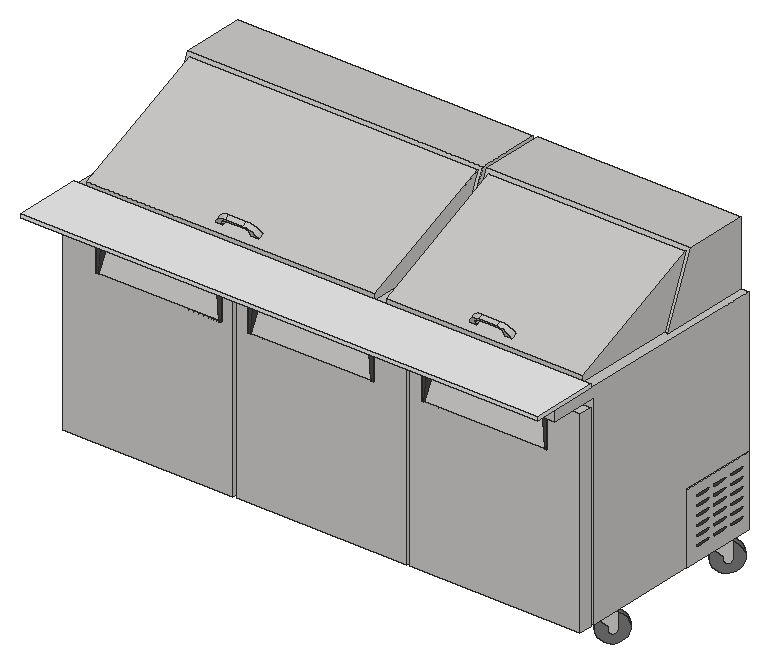
Revit family "QF_Turbo Air_MST-72-3007bf8e3e-0436-4e17-8188-67c419f443d2", category Specialty Equipment, Revit 2012
Parameters
  Weight in Pounds = 396
  Watermarked By = "http://revitwatermark.com"
  Volts = 115 V
  URL Cutsheet = ""
  URL = "www.turboairinc.com"
  Status [instance] = ""
  Specification by User [instance] = ""
  Specification by Manufacturer [instance] = ""
  Serial Number [instance] = ""
  Revision Code [instance] = ""
  Phase = 1
  Number of Poles [instance] = 1
  NAFEM Spec ID Number [instance] = ""
  Model = "MST-72-30"
  Masterspec [instance] = ""
  Manufacturer = "Turbo Air"  # constant formula
  Legs [instance] = [6 inch Legs]  # no
  Item Number [instance] = "-"
  Installed By [instance] = ""
  HP = "1/2"
  Furnished By [instance] = ""
  Foodservice Equipment Identifier = yes
  FL Amps = 9.9 A
  Electrical Remarks [instance] = ""
  Electric Connection Type [instance] = ""
  Elec Conn RI Height [instance] = 0' - 0"
  Elec Conn Connection Height = 1' - 0"
  Description = "Mega Top Unit"
  Cycle = 60 Hz
  Conn Plug = "NEMA 5-15P"
  Casters [instance] = not(Legs)  # yes
  CasterLeg Height [instance] = if([4 inch Casters], 0' 5", if([5 inch Casters], 0' 5 3/4", if([2_5 inch Casters], 0' 3 3/8", 0' 6")))  # 0' - 5"
  CSI MasterFormat = "11 41 13"
  Assembly Code = "E1090320"
  Apparent Power = if(Phase = 3, Volts * FL Amps * 1.73, Volts * FL Amps)  # 1138.5 VA
  6 inch Legs [instance] = no
  5 inch Casters [instance] = no
  4 inch Casters [instance] = yes
  2_5 inch Casters [instance] = no
Reference planes (in)
  plane 1 "BACK": y = 0
  plane 2: z = 0
  plane 3 "LEFT": x = -20.78844
  plane 4 "Bottom": z = 5
  plane 5 "Back Stops": y = 1
  plane 6 "RIGHT": x = 51.83656
  plane 7 "Door Clearance": y = -51.75
  plane 8 "Counter Top": z = 35
  plane 9 "TOP": z = 44
  plane 10 "Top of Door": z = 32.5
  plane 11 "Lid Clearance": z = 50.875
  plane 12 "Front of Ledge": y = -34
  plane 13 "FRONT": y = -37
  plane 14 "Front of Door": y = -29.5
  plane 15 "Front of Box": y = -27.125
  plane 16 "Left of Left Lid Cover": x = -19.78844
  plane 17 "Left of Left Lid": x = -19.28844
  plane 18 "Right of Right Lid Cover": x = 50.83656
  plane 19 "Right of Righ Lid": x = 50.33656
  plane 20 "Right of Left Lid Cover": x = 21.58656
  plane 21 "Right of Left Lid": x = 21.08656
  plane 22 "Left of Right Lid Cover": x = 22.21156
  plane 23 "Left of Right Lid": x = 22.71156
  plane 24 "Right Handle LR": x = 36.52406
  plane 25 "Left Handle LR": x = 0.89906
  plane 26: x = 27.96156
  plane 27: x = 3.08656
  plane 28: x = 3.58656
  plane 29: x = 27.46156
Forms (in)
  Extrusion 1, solid, material "QF_Finishes_Stainless Steel"
    sketch origin (-20.78844, 0, 0) x (0, 1, 0) y (0, 0, 1)
      loop
        line (0, 5) -> (0, 35) -> (-34, 35) -> (-34, 33.5) -> (-27.125, 33.5) -> (-27.125, 5) -> (0, 5)
    from 0 to 72.625
  Extrusion 2, solid, material "QF_Finishes_Black"
    sketch origin (0, -27.125, 0) x (1, 0, 0) y (0, 0, 1)
      loop
        line (28.96156, 31.5) -> (28.96156, 6) -> (50.83656, 6) -> (50.83656, 31.5) -> (28.96156, 31.5)
      loop
        line (-19.78844, 31.5) -> (-19.78844, 6) -> (2.08656, 6) -> (2.08656, 31.5) -> (-19.78844, 31.5)
      loop
        line (4.58656, 31.5) -> (4.58656, 6) -> (26.46156, 6) -> (26.46156, 31.5) -> (4.58656, 31.5)
    from 0 to 0.5625
  Extrusion 3, solid, material "QF_Finishes_Stainless Steel"
    sketch origin (-19.78844, 0, 0) x (0, 1, 0) y (0, 0, 1)
      loop
        line (0, 35) -> (0, 44) -> (-8.875, 44) -> (-12.8125, 35) -> (0, 35)
    from 0 to 41.375
  Extrusion 4, solid, material "QF_Finishes_Stainless Steel"
    sketch origin (-19.28844, 0, 0) x (0, 1, 0) y (0, 0, 1)
      loop
        line (-12.8125, 35) -> (-9.07541, 43.54192) -> (-27.125, 35.75) -> (-27.125, 35) -> (-12.8125, 35)
    from 0 to 40.375
  Extrusion 5, solid, material "QF_Finishes_Stainless Steel"
    sketch origin (-22.9375, -9.80904, -0.49896) x (1, 0, 0) y (0, -0.396341, 0.918103)
      loop
        line (25.83656, 40.14331) -> (26.83656, 40.14331)
        arc (26.83656, 40.14331) -> (26.16185, 41.04872) -> (25.08656, 41.39331) r 1.85
        line (25.08656, 41.39331) -> (22.58656, 41.39331)
        arc (22.58656, 41.39331) -> (21.51127, 41.04872) -> (20.83656, 40.14331) r 1.85
        line (20.83656, 40.14331) -> (21.83656, 40.14331) -> (21.83656, 40.64331)
        arc (21.83656, 40.64331) -> (21.98301, 40.99687) -> (22.33656, 41.14331) r 0.5
        line (22.33656, 41.14331) -> (25.33656, 41.14331)
        arc (25.33656, 41.14331) -> (25.69011, 40.99687) -> (25.83656, 40.64331) r 0.5
        line (25.83656, 40.64331) -> (25.83656, 40.14331)
    from -0.375 to 0.375
  Extrusion 6, void
    sketch origin (51.83656, 0, 0) x (0, 1, 0) y (0, 0, 1)
      loop
        line (0, 5) -> (0, 15) -> (-11, 15) -> (-11, 5) -> (0, 5)
    from 0 to -1
  Extrusion 7, solid, material "QF_Finishes_Stainless Steel"
    sketch origin (51.83656, 0, 0) x (0, 1, 0) y (0, 0, 1)
      loop
        line (-10.875, 14.875) -> (-10.875, 5) -> (0, 5) -> (0, 14.875) -> (-10.875, 14.875)
      loop
        arc (-9.25, 13.5) -> (-9.10355, 13.14645) -> (-8.75, 13) r 0.5
        line (-8.75, 13) -> (-7.25, 13)
        arc (-7.25, 13) -> (-6.89645, 13.14645) -> (-6.75, 13.5) r 0.5
        line (-6.75, 13.5) -> (-9.25, 13.5)
      loop
        arc (-6.25, 13.5) -> (-6.10355, 13.14645) -> (-5.75, 13) r 0.5
        line (-5.75, 13) -> (-4.25, 13)
        arc (-4.25, 13) -> (-3.89645, 13.14645) -> (-3.75, 13.5) r 0.5
        line (-3.75, 13.5) -> (-6.25, 13.5)
      loop
        arc (-3.25, 13.5) -> (-3.10355, 13.14645) -> (-2.75, 13) r 0.5
        line (-2.75, 13) -> (-1.25, 13)
        arc (-1.25, 13) -> (-0.89645, 13.14645) -> (-0.75, 13.5) r 0.5
        line (-0.75, 13.5) -> (-3.25, 13.5)
      loop
        arc (-9.25, 12.25) -> (-9.10355, 11.89645) -> (-8.75, 11.75) r 0.5
        line (-8.75, 11.75) -> (-7.25, 11.75)
        arc (-7.25, 11.75) -> (-6.89645, 11.89645) -> (-6.75, 12.25) r 0.5
        line (-6.75, 12.25) -> (-9.25, 12.25)
      loop
        arc (-6.25, 12.25) -> (-6.10355, 11.89645) -> (-5.75, 11.75) r 0.5
        line (-5.75, 11.75) -> (-4.25, 11.75)
        arc (-4.25, 11.75) -> (-3.89645, 11.89645) -> (-3.75, 12.25) r 0.5
        line (-3.75, 12.25) -> (-6.25, 12.25)
      loop
        arc (-3.25, 12.25) -> (-3.10355, 11.89645) -> (-2.75, 11.75) r 0.5
        line (-2.75, 11.75) -> (-1.25, 11.75)
        arc (-1.25, 11.75) -> (-0.89645, 11.89645) -> (-0.75, 12.25) r 0.5
        line (-0.75, 12.25) -> (-3.25, 12.25)
      loop
        arc (-9.25, 11) -> (-9.10355, 10.64645) -> (-8.75, 10.5) r 0.5
        line (-8.75, 10.5) -> (-7.25, 10.5)
        arc (-7.25, 10.5) -> (-6.89645, 10.64645) -> (-6.75, 11) r 0.5
        line (-6.75, 11) -> (-9.25, 11)
      loop
        arc (-6.25, 11) -> (-6.10355, 10.64645) -> (-5.75, 10.5) r 0.5
        line (-5.75, 10.5) -> (-4.25, 10.5)
        arc (-4.25, 10.5) -> (-3.89645, 10.64645) -> (-3.75, 11) r 0.5
        line (-3.75, 11) -> (-6.25, 11)
      loop
        arc (-3.25, 11) -> (-3.10355, 10.64645) -> (-2.75, 10.5) r 0.5
        line (-2.75, 10.5) -> (-1.25, 10.5)
        arc (-1.25, 10.5) -> (-0.89645, 10.64645) -> (-0.75, 11) r 0.5
        line (-0.75, 11) -> (-3.25, 11)
      loop
        arc (-9.25, 9.75) -> (-9.10355, 9.39645) -> (-8.75, 9.25) r 0.5
        line (-8.75, 9.25) -> (-7.25, 9.25)
        arc (-7.25, 9.25) -> (-6.89645, 9.39645) -> (-6.75, 9.75) r 0.5
        line (-6.75, 9.75) -> (-9.25, 9.75)
      loop
        arc (-6.25, 9.75) -> (-6.10355, 9.39645) -> (-5.75, 9.25) r 0.5
        line (-5.75, 9.25) -> (-4.25, 9.25)
        arc (-4.25, 9.25) -> (-3.89645, 9.39645) -> (-3.75, 9.75) r 0.5
        line (-3.75, 9.75) -> (-6.25, 9.75)
      loop
        arc (-3.25, 9.75) -> (-3.10355, 9.39645) -> (-2.75, 9.25) r 0.5
        line (-2.75, 9.25) -> (-1.25, 9.25)
        arc (-1.25, 9.25) -> (-0.89645, 9.39645) -> (-0.75, 9.75) r 0.5
        line (-0.75, 9.75) -> (-3.25, 9.75)
      loop
        arc (-9.25, 8.5) -> (-9.10355, 8.14645) -> (-8.75, 8) r 0.5
        line (-8.75, 8) -> (-7.25, 8)
        arc (-7.25, 8) -> (-6.89645, 8.14645) -> (-6.75, 8.5) r 0.5
        line (-6.75, 8.5) -> (-9.25, 8.5)
      loop
        arc (-6.25, 8.5) -> (-6.10355, 8.14645) -> (-5.75, 8) r 0.5
        line (-5.75, 8) -> (-4.25, 8)
        arc (-4.25, 8) -> (-3.89645, 8.14645) -> (-3.75, 8.5) r 0.5
        line (-3.75, 8.5) -> (-6.25, 8.5)
      loop
        arc (-3.25, 8.5) -> (-3.10355, 8.14645) -> (-2.75, 8) r 0.5
        line (-2.75, 8) -> (-1.25, 8)
        arc (-1.25, 8) -> (-0.89645, 8.14645) -> (-0.75, 8.5) r 0.5
        line (-0.75, 8.5) -> (-3.25, 8.5)
      loop
        arc (-9.25, 7.25) -> (-9.10355, 6.89645) -> (-8.75, 6.75) r 0.5
        line (-8.75, 6.75) -> (-7.25, 6.75)
        arc (-7.25, 6.75) -> (-6.89645, 6.89645) -> (-6.75, 7.25) r 0.5
        line (-6.75, 7.25) -> (-9.25, 7.25)
      loop
        arc (-6.25, 7.25) -> (-6.10355, 6.89645) -> (-5.75, 6.75) r 0.5
        line (-5.75, 6.75) -> (-4.25, 6.75)
        arc (-4.25, 6.75) -> (-3.89645, 6.89645) -> (-3.75, 7.25) r 0.5
        line (-3.75, 7.25) -> (-6.25, 7.25)
      loop
        arc (-3.25, 7.25) -> (-3.10355, 6.89645) -> (-2.75, 6.75) r 0.5
        line (-2.75, 6.75) -> (-1.25, 6.75)
        arc (-1.25, 6.75) -> (-0.89645, 6.89645) -> (-0.75, 7.25) r 0.5
        line (-0.75, 7.25) -> (-3.25, 7.25)
    from 0 to -1
  Extrusion 8, solid, material "QF_Finishes_Black"
    sketch origin (51.83656, 0, 0) x (0, 1, 0) y (0, 0, 1)
      loop
        line (-9.875, 13.95221) -> (-9.875, 6.20221) -> (-0.375, 6.20221) -> (-0.375, 13.95221) -> (-9.875, 13.95221)
    from -0.125 to -1
  Extrusion 9, solid, material "QF_Finishes_Black"
    sketch origin (0, 0, 0) x (1, 0, 0) y (0, 0, 1)
      loop
        circle (-14.66344, 30.1875) r 0.5
      loop
        circle (45.71156, 30.1875) r 0.5
    from 0 to -1
  Extrusion 10, solid, material "QF_Finishes_Stainless Steel"
    sketch origin (0, 0, 0) x (1, 0, 0) y (0, 0, 1)
      loop
        circle (47.83656, 11.125) r 0.25
    from 0 to -0.0625
  Extrusion 11, solid, material "QF_Finishes_White"
    sketch origin (-20.78844, 0, 0) x (0, 1, 0) y (0, 0, 1)
      loop
        line (-37, 35) -> (-27.625, 35) -> (-27.625, 35.5) -> (-37, 35.5) -> (-37, 35)
    from 0 to 72.625
  Extrusion 12, solid, material "QF_Finishes_Clearances", detail levels coarse
    sketch origin (-19.28844, 0, 0) x (0, 1, 0) y (0, 0, 1)
      loop
        arc (-16.49707, 50.65572) -> (-24.34172, 45.00726) -> (-27.125, 35.75) r 15.03231
        line (-27.125, 35.75) -> (-9.42266, 43.39202) -> (-15.77984, 50.875) -> (-16.49707, 50.65572)
    from 0 to 40.375
  Extrusion 13, solid, material "QF_Finishes_Stainless Steel"
    sketch origin (6.4375, -9.80904, -0.49896) x (1, 0, 0) y (0, -0.396341, 0.918103)
      loop
        line (32.08656, 40.14331) -> (33.08656, 40.14331)
        arc (33.08656, 40.14331) -> (32.41185, 41.04872) -> (31.33656, 41.39331) r 1.85
        line (31.33656, 41.39331) -> (28.83656, 41.39331)
        arc (28.83656, 41.39331) -> (27.76127, 41.04872) -> (27.08656, 40.14331) r 1.85
        line (27.08656, 40.14331) -> (28.08656, 40.14331) -> (28.08656, 40.64331)
        arc (28.08656, 40.64331) -> (28.23301, 40.99687) -> (28.58656, 41.14331) r 0.5
        line (28.58656, 41.14331) -> (31.58656, 41.14331)
        arc (31.58656, 41.14331) -> (31.94011, 40.99687) -> (32.08656, 40.64331) r 0.5
        line (32.08656, 40.64331) -> (32.08656, 40.14331)
    from -0.375 to 0.375
  Extrusion 14, solid, material "QF_Finishes_Stainless Steel"
    sketch origin (22.21156, 0, 0) x (0, 1, 0) y (0, 0, 1)
      loop
        line (0, 35) -> (0, 44) -> (-8.875, 44) -> (-12.8125, 35) -> (0, 35)
    from 0 to 28.625
  Extrusion 15, solid, material "QF_Finishes_Stainless Steel"
    sketch origin (22.71156, 0, 0) x (0, 1, 0) y (0, 0, 1)
      loop
        line (-12.8125, 35) -> (-9.07541, 43.54192) -> (-27.125, 35.75) -> (-27.125, 35) -> (-12.8125, 35)
    from 0 to 27.625
  Extrusion 16, solid, material "QF_Finishes_Clearances", detail levels coarse
    sketch origin (22.71156, 0, 0) x (0, 1, 0) y (0, 0, 1)
      loop
        arc (-16.49707, 50.65572) -> (-24.34172, 45.00726) -> (-27.125, 35.75) r 15.03231
        line (-27.125, 35.75) -> (-9.42266, 43.39202) -> (-15.77984, 50.875) -> (-16.49707, 50.65572)
    from 0 to 27.625
Cuts and joins
  Extrusion 6 cuts Extrusion 1
Lines and regions (in)
  symbolic lines
    curve 1: line (-20.78844, 0, 35) -> (51.83656, 0, 35)
    curve 2: line (-20.78844, -37, 35) -> (-20.78844, 0, 35)
    curve 3: line (51.83656, -37, 35) -> (-20.78844, -37, 35)
    curve 4: line (51.83656, 0, 35) -> (51.83656, -37, 35)
    curve 5: line (45.21156, 1, 35) -> (46.21156, 1, 35)
    curve 6: line (-15.16344, 1, 35) -> (-14.16344, 1, 35)
    curve 7: line (-15.16344, 1, 35) -> (-15.16344, 0, 35)
    curve 8: line (-14.16344, 1, 35) -> (-14.16344, 0, 35)
    curve 9: line (45.21156, 1, 35) -> (45.21156, 0, 35)
    curve 10: line (46.21156, 1, 35) -> (46.21156, 0, 35)
    curve 11: line (-1.10094, -25.37519, 35) -> (-2.10094, -25.37519, 35)
    curve 12: line (-2.10094, -25.37519, 35) -> (-2.10094, -26.07034, 35)
    curve 13: line (-1.10094, -25.58383, 35) -> (-1.10094, -25.37519, 35)
    curve 14: line (2.62891, -26.55919, 35) -> (-0.34183, -26.55919, 35)
    curve 15: line (2.31156, -25.77153, 35) -> (-0.59638, -25.77153, 35)
    curve 16: line (2.89906, -25.37519, 35) -> (2.89906, -25.56289, 35)
    curve 17: line (3.89906, -25.37519, 35) -> (2.89906, -25.37519, 35)
    curve 18: line (3.89906, -26.07034, 35) -> (3.89906, -25.37519, 35)
    curve 19: spline (3.89906, -26.07034, 35) -> (3.84214, -26.14047, 35) -> (3.77337, -26.20706, 35) -> (3.69343, -26.26945, 35) -> (3.60308, -26.32703, 35) -> (3.50323, -26.37924, 35) -> (3.39483, -26.42556, 35) -> (3.27896, -26.46556, 35) -> (3.15673, -26.49882, 35) -> (3.02935, -26.52504, 35) -> (2.89806, -26.54395, 35) -> (2.76415, -26.55537, 35) -> (2.62891, -26.55919, 35)
    curve 20: spline (-0.59638, -25.77153, 35) -> (-0.66224, -25.76992, 35) -> (-0.72697, -25.76513, 35) -> (-0.78947, -25.75724, 35) -> (-0.84866, -25.74638, 35) -> (-0.90354, -25.73274, 35) -> (-0.95316, -25.71655, 35) -> (-0.99668, -25.69809, 35) -> (-1.03334, -25.67768, 35) -> (-1.06253, -25.65566, 35) -> (-1.08375, -25.63241, 35) -> (-1.09662, -25.60833, 35) -> (-1.10094, -25.58383, 35)
    curve 21: spline (2.89906, -25.56289, 35) -> (2.89403, -25.59012, 35) -> (2.87904, -25.61689, 35) -> (2.85434, -25.64273, 35) -> (2.82035, -25.66721, 35) -> (2.77765, -25.6899, 35) -> (2.72698, -25.71042, 35) -> (2.66921, -25.72841, 35) -> (2.60531, -25.74358, 35) -> (2.53638, -25.75565, 35) -> (2.46361, -25.76442, 35) -> (2.38824, -25.76974, 35) -> (2.31156, -25.77153, 35)
    curve 22: spline (-0.34183, -26.55919, 35) -> (-0.53654, -26.5553, 35) -> (-0.72906, -26.54368, 35) -> (-0.91725, -26.52446, 35) -> (-1.09897, -26.49785, 35) -> (-1.2722, -26.46415, 35) -> (-1.435, -26.42374, 35) -> (-1.58553, -26.37708, 35) -> (-1.72211, -26.32468, 35) -> (-1.8432, -26.26714, 35) -> (-1.94745, -26.20509, 35) -> (-2.03368, -26.13925, 35) -> (-2.10094, -26.07034, 35)
    curve 25: line (-20.78844, -27.625, 35) -> (51.83656, -27.625, 35)
    curve 26: line (-20.78844, -27.125, 35) -> (51.83656, -27.125, 35)
    curve 27: line (-19.78844, 0, 35) -> (-19.78844, -12.8125, 35)
    curve 28: line (-19.78844, -12.8125, 35) -> (-19.28844, -12.8125, 35)
    curve 29: line (50.83656, 0, 35) -> (50.83656, -12.8125, 35)
    curve 30: line (50.83656, -12.8125, 35) -> (50.33656, -12.8125, 35)
    curve 31: line (-19.28844, -8.875, 35) -> (-19.28844, -27.125, 35)
    curve 32: line (50.33656, -27.125, 35) -> (50.33656, -8.875, 35)
    curve 83: line (34.52406, -25.37519, 35) -> (33.52406, -25.37519, 35)
    curve 84: line (33.52406, -25.37519, 35) -> (33.52406, -26.07034, 35)
    curve 85: line (34.52406, -25.58383, 35) -> (34.52406, -25.37519, 35)
    curve 86: line (38.25391, -26.55919, 35) -> (35.28317, -26.55919, 35)
    curve 87: line (37.93656, -25.77153, 35) -> (35.02862, -25.77153, 35)
    curve 88: line (38.52406, -25.37519, 35) -> (38.52406, -25.56289, 35)
    curve 89: line (39.52406, -25.37519, 35) -> (38.52406, -25.37519, 35)
    curve 90: line (39.52406, -26.07034, 35) -> (39.52406, -25.37519, 35)
    curve 91: spline (39.52406, -26.07034, 35) -> (39.46714, -26.14047, 35) -> (39.39837, -26.20706, 35) -> (39.31843, -26.26945, 35) -> (39.22808, -26.32703, 35) -> (39.12823, -26.37924, 35) -> (39.01983, -26.42556, 35) -> (38.90396, -26.46556, 35) -> (38.78173, -26.49882, 35) -> (38.65435, -26.52504, 35) -> (38.52306, -26.54395, 35) -> (38.38915, -26.55537, 35) -> (38.25391, -26.55919, 35)
    curve 92: spline (35.02862, -25.77153, 35) -> (34.96276, -25.76992, 35) -> (34.89803, -25.76513, 35) -> (34.83553, -25.75724, 35) -> (34.77634, -25.74638, 35) -> (34.72146, -25.73274, 35) -> (34.67184, -25.71655, 35) -> (34.62832, -25.69809, 35) -> (34.59166, -25.67768, 35) -> (34.56247, -25.65566, 35) -> (34.54125, -25.63241, 35) -> (34.52838, -25.60833, 35) -> (34.52406, -25.58383, 35)
    curve 93: spline (38.52406, -25.56289, 35) -> (38.51903, -25.59012, 35) -> (38.50404, -25.61689, 35) -> (38.47934, -25.64273, 35) -> (38.44535, -25.66721, 35) -> (38.40265, -25.6899, 35) -> (38.35198, -25.71042, 35) -> (38.29421, -25.72841, 35) -> (38.23031, -25.74358, 35) -> (38.16138, -25.75565, 35) -> (38.08861, -25.76442, 35) -> (38.01324, -25.76974, 35) -> (37.93656, -25.77153, 35)
    curve 94: spline (35.28317, -26.55919, 35) -> (35.08846, -26.5553, 35) -> (34.89594, -26.54368, 35) -> (34.70775, -26.52446, 35) -> (34.52603, -26.49785, 35) -> (34.3528, -26.46415, 35) -> (34.19, -26.42374, 35) -> (34.03947, -26.37708, 35) -> (33.90289, -26.32468, 35) -> (33.7818, -26.26714, 35) -> (33.67755, -26.20509, 35) -> (33.59132, -26.13925, 35) -> (33.52406, -26.07034, 35)
    curve 239: line (50.83656, -8.875, 35) -> (22.21156, -8.875, 35)
    curve 240: line (22.21156, -8.875, 35) -> (22.21156, 0, 35)
    curve 241: line (21.58656, 0, 35) -> (21.58656, -8.875, 35)
    curve 242: line (21.58656, -8.875, 35) -> (-19.78844, -8.875, 35)
    curve 243: line (21.08656, -12.8125, 35) -> (21.58656, -12.8125, 35)
    curve 244: line (21.58656, -12.8125, 35) -> (21.58656, -8.875, 35)
    curve 245: line (22.21156, -8.875, 35) -> (22.21156, -12.8125, 35)
    curve 246: line (22.21156, -12.8125, 35) -> (22.71156, -12.8125, 35)
    curve 247: line (21.08656, -27.125, 35) -> (21.08656, -8.875, 35)
    curve 248: line (22.71156, -27.125, 35) -> (22.71156, -8.875, 35)
  symbolic lines, style "QF_Clearances", detail levels coarse
    curve 23: line (51.83656, -37, 35) -> (51.83656, -51.75, 35)
    curve 24: arc (51.83656, -51.75, 35) -> (38.56712, -47.72286, 35) -> (29.77415, -37, 35) r 23.875
    curve 33: line (-20.78844, -37, 35) -> (-20.78844, -51.75, 35)
    curve 34: arc (-20.78844, -51.75, 35) -> (-7.519, -47.72286, 35) -> (1.27397, -37, 35) r 23.875
    curve 297: line (27.46156, -37, 35) -> (27.46156, -51.75, 35)
    curve 298: arc (27.46156, -51.75, 35) -> (14.19212, -47.72286, 35) -> (5.39915, -37, 35) r 23.875
  symbolic lines, style "QF_Surface Details"
    curve 35: line (7.64906, -17.58908, 35) -> (7.64906, -13.59725, 35)
    curve 36: line (13.64906, -17.58908, 35) -> (13.64906, -13.59725, 35)
    curve 37: line (12.64906, -12.59725, 35) -> (8.64906, -12.59725, 35)
    curve 38: line (12.64906, -18.58908, 35) -> (8.64906, -18.58908, 35)
    curve 39: arc (8.64906, -12.59725, 35) -> (7.94195, -12.89014, 35) -> (7.64906, -13.59725, 35) r 1
    curve 40: arc (12.64906, -12.59725, 35) -> (13.35617, -12.89014, 35) -> (13.64906, -13.59725, 35) r 1
    curve 41: arc (13.64906, -17.58908, 35) -> (13.35617, -18.29619, 35) -> (12.64906, -18.58908, 35) r 1
    curve 42: arc (8.64906, -18.58908, 35) -> (7.94195, -18.29619, 35) -> (7.64906, -17.58908, 35) r 1
    curve 43: line (7.64906, -20.58908, 35) -> (7.64906, -24.51282, 35)
    curve 44: line (13.64906, -20.48748, 35) -> (13.64906, -24.58092, 35)
    curve 45: line (12.64906, -25.58092, 35) -> (8.71716, -25.58092, 35)
    curve 46: line (12.75067, -19.58908, 35) -> (8.64906, -19.58908, 35)
    curve 47: arc (8.71716, -25.58092, 35) -> (7.9619, -25.26808, 35) -> (7.64906, -24.51282, 35) r 1.0681
    curve 48: arc (12.64906, -25.58092, 35) -> (13.35617, -25.28803, 35) -> (13.64906, -24.58092, 35) r 1
    curve 49: arc (13.64906, -20.48748, 35) -> (13.38593, -19.85222, 35) -> (12.75067, -19.58908, 35) r 0.89839
    curve 50: arc (8.64906, -19.58908, 35) -> (7.94195, -19.88198, 35) -> (7.64906, -20.58908, 35) r 1
    curve 51: line (7.64906, -10.59725, 35) -> (7.64906, -6.60541, 35)
    curve 52: line (13.64906, -10.59725, 35) -> (13.64906, -6.60541, 35)
    curve 53: line (12.64906, -5.60541, 35) -> (8.64906, -5.60541, 35)
    curve 54: line (12.64906, -11.59725, 35) -> (8.64906, -11.59725, 35)
    curve 55: arc (8.64906, -5.60541, 35) -> (7.94195, -5.8983, 35) -> (7.64906, -6.60541, 35) r 1
    curve 56: arc (12.64906, -5.60541, 35) -> (13.35617, -5.8983, 35) -> (13.64906, -6.60541, 35) r 1
    curve 57: arc (13.64906, -10.59725, 35) -> (13.35617, -11.30435, 35) -> (12.64906, -11.59725, 35) r 1
    curve 58: arc (8.64906, -11.59725, 35) -> (7.94195, -11.30435, 35) -> (7.64906, -10.59725, 35) r 1
    curve 59: line (1.14906, -17.58908, 35) -> (1.14906, -13.59725, 35)
    curve 60: line (7.14906, -17.58908, 35) -> (7.14906, -13.59725, 35)
    curve 61: line (6.14906, -12.59725, 35) -> (2.14906, -12.59725, 35)
    curve 62: line (6.14906, -18.58908, 35) -> (2.14906, -18.58908, 35)
    curve 63: arc (2.14906, -12.59725, 35) -> (1.44195, -12.89014, 35) -> (1.14906, -13.59725, 35) r 1
    curve 64: arc (6.14906, -12.59725, 35) -> (6.85617, -12.89014, 35) -> (7.14906, -13.59725, 35) r 1
    curve 65: arc (7.14906, -17.58908, 35) -> (6.85617, -18.29619, 35) -> (6.14906, -18.58908, 35) r 1
    curve 66: arc (2.14906, -18.58908, 35) -> (1.44195, -18.29619, 35) -> (1.14906, -17.58908, 35) r 1
    curve 67: line (1.14906, -10.59725, 35) -> (1.14906, -6.60541, 35)
    curve 68: line (7.14906, -10.59725, 35) -> (7.14906, -6.60541, 35)
    curve 69: line (6.14906, -5.60541, 35) -> (2.14906, -5.60541, 35)
    curve 70: line (6.14906, -11.59725, 35) -> (2.14906, -11.59725, 35)
    curve 71: arc (2.14906, -5.60541, 35) -> (1.44195, -5.8983, 35) -> (1.14906, -6.60541, 35) r 1
    curve 72: arc (6.14906, -5.60541, 35) -> (6.85617, -5.8983, 35) -> (7.14906, -6.60541, 35) r 1
    curve 73: arc (7.14906, -10.59725, 35) -> (6.85617, -11.30435, 35) -> (6.14906, -11.59725, 35) r 1
    curve 74: arc (2.14906, -11.59725, 35) -> (1.44195, -11.30435, 35) -> (1.14906, -10.59725, 35) r 1
    curve 75: line (1.14906, -24.58092, 35) -> (1.14906, -20.58908, 35)
    curve 76: line (7.14906, -24.58092, 35) -> (7.14906, -20.58908, 35)
    curve 77: line (6.14906, -19.58908, 35) -> (2.14906, -19.58908, 35)
    curve 78: line (6.14906, -25.58092, 35) -> (2.14906, -25.58092, 35)
    curve 79: arc (2.14906, -19.58908, 35) -> (1.44195, -19.88198, 35) -> (1.14906, -20.58908, 35) r 1
    curve 80: arc (6.14906, -19.58908, 35) -> (6.85617, -19.88198, 35) -> (7.14906, -20.58908, 35) r 1
    curve 81: arc (7.14906, -24.58092, 35) -> (6.85617, -25.28803, 35) -> (6.14906, -25.58092, 35) r 1
    curve 82: arc (2.14906, -25.58092, 35) -> (1.44195, -25.28803, 35) -> (1.14906, -24.58092, 35) r 1
    curve 95: line (-5.85094, -17.58908, 35) -> (-5.85094, -13.59725, 35)
    curve 96: line (-11.85094, -17.58908, 35) -> (-11.85094, -13.59725, 35)
    curve 97: line (-10.85094, -12.59725, 35) -> (-6.85094, -12.59725, 35)
    curve 98: line (-10.85094, -18.58908, 35) -> (-6.85094, -18.58908, 35)
    curve 99: arc (-6.85094, -12.59725, 35) -> (-6.14383, -12.89014, 35) -> (-5.85094, -13.59725, 35) r 1
    curve 100: arc (-10.85094, -12.59725, 35) -> (-11.55805, -12.89014, 35) -> (-11.85094, -13.59725, 35) r 1
    curve 101: arc (-11.85094, -17.58908, 35) -> (-11.55805, -18.29619, 35) -> (-10.85094, -18.58908, 35) r 1
    curve 102: arc (-6.85094, -18.58908, 35) -> (-6.14383, -18.29619, 35) -> (-5.85094, -17.58908, 35) r 1
    curve 103: line (-5.85094, -20.58908, 35) -> (-5.85094, -24.51282, 35)
    curve 104: line (-11.85094, -20.48748, 35) -> (-11.85094, -24.58092, 35)
    curve 105: line (-10.85094, -25.58092, 35) -> (-6.91904, -25.58092, 35)
    curve 106: line (-10.95255, -19.58908, 35) -> (-6.85094, -19.58908, 35)
    curve 107: arc (-6.91904, -25.58092, 35) -> (-6.16378, -25.26808, 35) -> (-5.85094, -24.51282, 35) r 1.0681
    curve 108: arc (-10.85094, -25.58092, 35) -> (-11.55805, -25.28803, 35) -> (-11.85094, -24.58092, 35) r 1
    curve 109: arc (-11.85094, -20.48748, 35) -> (-11.58781, -19.85222, 35) -> (-10.95255, -19.58908, 35) r 0.89839
    curve 110: arc (-6.85094, -19.58908, 35) -> (-6.14383, -19.88198, 35) -> (-5.85094, -20.58908, 35) r 1
    curve 111: line (-5.85094, -10.59725, 35) -> (-5.85094, -6.60541, 35)
    curve 112: line (-11.85094, -10.59725, 35) -> (-11.85094, -6.60541, 35)
    curve 113: line (-10.85094, -5.60541, 35) -> (-6.85094, -5.60541, 35)
    curve 114: line (-10.85094, -11.59725, 35) -> (-6.85094, -11.59725, 35)
    curve 115: arc (-6.85094, -5.60541, 35) -> (-6.14383, -5.8983, 35) -> (-5.85094, -6.60541, 35) r 1
    curve 116: arc (-10.85094, -5.60541, 35) -> (-11.55805, -5.8983, 35) -> (-11.85094, -6.60541, 35) r 1
    curve 117: arc (-11.85094, -10.59725, 35) -> (-11.55805, -11.30435, 35) -> (-10.85094, -11.59725, 35) r 1
    curve 118: arc (-6.85094, -11.59725, 35) -> (-6.14383, -11.30435, 35) -> (-5.85094, -10.59725, 35) r 1
    curve 119: line (0.64906, -17.58908, 35) -> (0.64906, -13.59725, 35)
    curve 120: line (-5.35094, -17.58908, 35) -> (-5.35094, -13.59725, 35)
    curve 121: line (-4.35094, -12.59725, 35) -> (-0.35094, -12.59725, 35)
    curve 122: line (-4.35094, -18.58908, 35) -> (-0.35094, -18.58908, 35)
    curve 123: arc (-0.35094, -12.59725, 35) -> (0.35617, -12.89014, 35) -> (0.64906, -13.59725, 35) r 1
    curve 124: arc (-4.35094, -12.59725, 35) -> (-5.05805, -12.89014, 35) -> (-5.35094, -13.59725, 35) r 1
    curve 125: arc (-5.35094, -17.58908, 35) -> (-5.05805, -18.29619, 35) -> (-4.35094, -18.58908, 35) r 1
    curve 126: arc (-0.35094, -18.58908, 35) -> (0.35617, -18.29619, 35) -> (0.64906, -17.58908, 35) r 1
    curve 127: line (0.64906, -10.59725, 35) -> (0.64906, -6.60541, 35)
    curve 128: line (-5.35094, -10.59725, 35) -> (-5.35094, -6.60541, 35)
    curve 129: line (-4.35094, -5.60541, 35) -> (-0.35094, -5.60541, 35)
    curve 130: line (-4.35094, -11.59725, 35) -> (-0.35094, -11.59725, 35)
    curve 131: arc (-0.35094, -5.60541, 35) -> (0.35617, -5.8983, 35) -> (0.64906, -6.60541, 35) r 1
    curve 132: arc (-4.35094, -5.60541, 35) -> (-5.05805, -5.8983, 35) -> (-5.35094, -6.60541, 35) r 1
    curve 133: arc (-5.35094, -10.59725, 35) -> (-5.05805, -11.30435, 35) -> (-4.35094, -11.59725, 35) r 1
    curve 134: arc (-0.35094, -11.59725, 35) -> (0.35617, -11.30435, 35) -> (0.64906, -10.59725, 35) r 1
    curve 135: line (0.64906, -24.58092, 35) -> (0.64906, -20.58908, 35)
    curve 136: line (-5.35094, -24.58092, 35) -> (-5.35094, -20.58908, 35)
    curve 137: line (-4.35094, -19.58908, 35) -> (-0.35094, -19.58908, 35)
    curve 138: line (-4.35094, -25.58092, 35) -> (-0.35094, -25.58092, 35)
    curve 139: arc (-0.35094, -19.58908, 35) -> (0.35617, -19.88198, 35) -> (0.64906, -20.58908, 35) r 1
    curve 140: arc (-4.35094, -19.58908, 35) -> (-5.05805, -19.88198, 35) -> (-5.35094, -20.58908, 35) r 1
    curve 141: arc (-5.35094, -24.58092, 35) -> (-5.05805, -25.28803, 35) -> (-4.35094, -25.58092, 35) r 1
    curve 142: arc (-0.35094, -25.58092, 35) -> (0.35617, -25.28803, 35) -> (0.64906, -24.58092, 35) r 1
    curve 143: line (43.27406, -17.58908, 35) -> (43.27406, -13.59725, 35)
    curve 144: line (49.27406, -17.58908, 35) -> (49.27406, -13.59725, 35)
    curve 145: line (48.27406, -12.59725, 35) -> (44.27406, -12.59725, 35)
    curve 146: line (48.27406, -18.58908, 35) -> (44.27406, -18.58908, 35)
    curve 147: arc (44.27406, -12.59725, 35) -> (43.56695, -12.89014, 35) -> (43.27406, -13.59725, 35) r 1
    curve 148: arc (48.27406, -12.59725, 35) -> (48.98117, -12.89014, 35) -> (49.27406, -13.59725, 35) r 1
    curve 149: arc (49.27406, -17.58908, 35) -> (48.98117, -18.29619, 35) -> (48.27406, -18.58908, 35) r 1
    curve 150: arc (44.27406, -18.58908, 35) -> (43.56695, -18.29619, 35) -> (43.27406, -17.58908, 35) r 1
    curve 151: line (43.27406, -20.58908, 35) -> (43.27406, -24.51282, 35)
    curve 152: line (49.27406, -20.48748, 35) -> (49.27406, -24.58092, 35)
    curve 153: line (48.27406, -25.58092, 35) -> (44.34216, -25.58092, 35)
    curve 154: line (48.37567, -19.58908, 35) -> (44.27406, -19.58908, 35)
    curve 155: arc (44.34216, -25.58092, 35) -> (43.5869, -25.26808, 35) -> (43.27406, -24.51282, 35) r 1.0681
    curve 156: arc (48.27406, -25.58092, 35) -> (48.98117, -25.28803, 35) -> (49.27406, -24.58092, 35) r 1
    curve 157: arc (49.27406, -20.48748, 35) -> (49.01093, -19.85222, 35) -> (48.37567, -19.58908, 35) r 0.89839
    curve 158: arc (44.27406, -19.58908, 35) -> (43.56695, -19.88198, 35) -> (43.27406, -20.58908, 35) r 1
    curve 159: line (43.27406, -10.59725, 35) -> (43.27406, -6.60541, 35)
    curve 160: line (49.27406, -10.59725, 35) -> (49.27406, -6.60541, 35)
    curve 161: line (48.27406, -5.60541, 35) -> (44.27406, -5.60541, 35)
    curve 162: line (48.27406, -11.59725, 35) -> (44.27406, -11.59725, 35)
    curve 163: arc (44.27406, -5.60541, 35) -> (43.56695, -5.8983, 35) -> (43.27406, -6.60541, 35) r 1
    curve 164: arc (48.27406, -5.60541, 35) -> (48.98117, -5.8983, 35) -> (49.27406, -6.60541, 35) r 1
    curve 165: arc (49.27406, -10.59725, 35) -> (48.98117, -11.30435, 35) -> (48.27406, -11.59725, 35) r 1
    curve 166: arc (44.27406, -11.59725, 35) -> (43.56695, -11.30435, 35) -> (43.27406, -10.59725, 35) r 1
    curve 167: line (36.77406, -17.58908, 35) -> (36.77406, -13.59725, 35)
    curve 168: line (42.77406, -17.58908, 35) -> (42.77406, -13.59725, 35)
    curve 169: line (41.77406, -12.59725, 35) -> (37.77406, -12.59725, 35)
    curve 170: line (41.77406, -18.58908, 35) -> (37.77406, -18.58908, 35)
    curve 171: arc (37.77406, -12.59725, 35) -> (37.06695, -12.89014, 35) -> (36.77406, -13.59725, 35) r 1
    curve 172: arc (41.77406, -12.59725, 35) -> (42.48117, -12.89014, 35) -> (42.77406, -13.59725, 35) r 1
    curve 173: arc (42.77406, -17.58908, 35) -> (42.48117, -18.29619, 35) -> (41.77406, -18.58908, 35) r 1
    curve 174: arc (37.77406, -18.58908, 35) -> (37.06695, -18.29619, 35) -> (36.77406, -17.58908, 35) r 1
    curve 175: line (36.77406, -10.59725, 35) -> (36.77406, -6.60541, 35)
    curve 176: line (42.77406, -10.59725, 35) -> (42.77406, -6.60541, 35)
    curve 177: line (41.77406, -5.60541, 35) -> (37.77406, -5.60541, 35)
    curve 178: line (41.77406, -11.59725, 35) -> (37.77406, -11.59725, 35)
    curve 179: arc (37.77406, -5.60541, 35) -> (37.06695, -5.8983, 35) -> (36.77406, -6.60541, 35) r 1
    curve 180: arc (41.77406, -5.60541, 35) -> (42.48117, -5.8983, 35) -> (42.77406, -6.60541, 35) r 1
    curve 181: arc (42.77406, -10.59725, 35) -> (42.48117, -11.30435, 35) -> (41.77406, -11.59725, 35) r 1
    curve 182: arc (37.77406, -11.59725, 35) -> (37.06695, -11.30435, 35) -> (36.77406, -10.59725, 35) r 1
    curve 183: line (36.77406, -24.58092, 35) -> (36.77406, -20.58908, 35)
    curve 184: line (42.77406, -24.58092, 35) -> (42.77406, -20.58908, 35)
    curve 185: line (41.77406, -19.58908, 35) -> (37.77406, -19.58908, 35)
    curve 186: line (41.77406, -25.58092, 35) -> (37.77406, -25.58092, 35)
    curve 187: arc (37.77406, -19.58908, 35) -> (37.06695, -19.88198, 35) -> (36.77406, -20.58908, 35) r 1
    curve 188: arc (41.77406, -19.58908, 35) -> (42.48117, -19.88198, 35) -> (42.77406, -20.58908, 35) r 1
    curve 189: arc (42.77406, -24.58092, 35) -> (42.48117, -25.28803, 35) -> (41.77406, -25.58092, 35) r 1
    curve 190: arc (37.77406, -25.58092, 35) -> (37.06695, -25.28803, 35) -> (36.77406, -24.58092, 35) r 1
    curve 191: line (29.77406, -17.58908, 35) -> (29.77406, -13.59725, 35)
    curve 192: line (23.77406, -17.58908, 35) -> (23.77406, -13.59725, 35)
    curve 193: line (24.77406, -12.59725, 35) -> (28.77406, -12.59725, 35)
    curve 194: line (24.77406, -18.58908, 35) -> (28.77406, -18.58908, 35)
    curve 195: arc (28.77406, -12.59725, 35) -> (29.48117, -12.89014, 35) -> (29.77406, -13.59725, 35) r 1
    curve 196: arc (24.77406, -12.59725, 35) -> (24.06695, -12.89014, 35) -> (23.77406, -13.59725, 35) r 1
    curve 197: arc (23.77406, -17.58908, 35) -> (24.06695, -18.29619, 35) -> (24.77406, -18.58908, 35) r 1
    curve 198: arc (28.77406, -18.58908, 35) -> (29.48117, -18.29619, 35) -> (29.77406, -17.58908, 35) r 1
    curve 199: line (29.77406, -20.58908, 35) -> (29.77406, -24.51282, 35)
    curve 200: line (23.77406, -20.48748, 35) -> (23.77406, -24.58092, 35)
    curve 201: line (24.77406, -25.58092, 35) -> (28.70596, -25.58092, 35)
    curve 202: line (24.67245, -19.58908, 35) -> (28.77406, -19.58908, 35)
    curve 203: arc (28.70596, -25.58092, 35) -> (29.46122, -25.26808, 35) -> (29.77406, -24.51282, 35) r 1.0681
    curve 204: arc (24.77406, -25.58092, 35) -> (24.06695, -25.28803, 35) -> (23.77406, -24.58092, 35) r 1
    curve 205: arc (23.77406, -20.48748, 35) -> (24.03719, -19.85222, 35) -> (24.67245, -19.58908, 35) r 0.89839
    curve 206: arc (28.77406, -19.58908, 35) -> (29.48117, -19.88198, 35) -> (29.77406, -20.58908, 35) r 1
    curve 207: line (29.77406, -10.59725, 35) -> (29.77406, -6.60541, 35)
    curve 208: line (23.77406, -10.59725, 35) -> (23.77406, -6.60541, 35)
    curve 209: line (24.77406, -5.60541, 35) -> (28.77406, -5.60541, 35)
    curve 210: line (24.77406, -11.59725, 35) -> (28.77406, -11.59725, 35)
    curve 211: arc (28.77406, -5.60541, 35) -> (29.48117, -5.8983, 35) -> (29.77406, -6.60541, 35) r 1
    curve 212: arc (24.77406, -5.60541, 35) -> (24.06695, -5.8983, 35) -> (23.77406, -6.60541, 35) r 1
    curve 213: arc (23.77406, -10.59725, 35) -> (24.06695, -11.30435, 35) -> (24.77406, -11.59725, 35) r 1
    curve 214: arc (28.77406, -11.59725, 35) -> (29.48117, -11.30435, 35) -> (29.77406, -10.59725, 35) r 1
    curve 215: line (36.27406, -17.58908, 35) -> (36.27406, -13.59725, 35)
    curve 216: line (30.27406, -17.58908, 35) -> (30.27406, -13.59725, 35)
    curve 217: line (31.27406, -12.59725, 35) -> (35.27406, -12.59725, 35)
    curve 218: line (31.27406, -18.58908, 35) -> (35.27406, -18.58908, 35)
    curve 219: arc (35.27406, -12.59725, 35) -> (35.98117, -12.89014, 35) -> (36.27406, -13.59725, 35) r 1
    curve 220: arc (31.27406, -12.59725, 35) -> (30.56695, -12.89014, 35) -> (30.27406, -13.59725, 35) r 1
    curve 221: arc (30.27406, -17.58908, 35) -> (30.56695, -18.29619, 35) -> (31.27406, -18.58908, 35) r 1
    curve 222: arc (35.27406, -18.58908, 35) -> (35.98117, -18.29619, 35) -> (36.27406, -17.58908, 35) r 1
    curve 223: line (36.27406, -10.59725, 35) -> (36.27406, -6.60541, 35)
    curve 224: line (30.27406, -10.59725, 35) -> (30.27406, -6.60541, 35)
    curve 225: line (31.27406, -5.60541, 35) -> (35.27406, -5.60541, 35)
    curve 226: line (31.27406, -11.59725, 35) -> (35.27406, -11.59725, 35)
    curve 227: arc (35.27406, -5.60541, 35) -> (35.98117, -5.8983, 35) -> (36.27406, -6.60541, 35) r 1
    curve 228: arc (31.27406, -5.60541, 35) -> (30.56695, -5.8983, 35) -> (30.27406, -6.60541, 35) r 1
    curve 229: arc (30.27406, -10.59725, 35) -> (30.56695, -11.30435, 35) -> (31.27406, -11.59725, 35) r 1
    curve 230: arc (35.27406, -11.59725, 35) -> (35.98117, -11.30435, 35) -> (36.27406, -10.59725, 35) r 1
    curve 231: line (36.27406, -24.58092, 35) -> (36.27406, -20.58908, 35)
    curve 232: line (30.27406, -24.58092, 35) -> (30.27406, -20.58908, 35)
    curve 233: line (31.27406, -19.58908, 35) -> (35.27406, -19.58908, 35)
    curve 234: line (31.27406, -25.58092, 35) -> (35.27406, -25.58092, 35)
    curve 235: arc (35.27406, -19.58908, 35) -> (35.98117, -19.88198, 35) -> (36.27406, -20.58908, 35) r 1
    curve 236: arc (31.27406, -19.58908, 35) -> (30.56695, -19.88198, 35) -> (30.27406, -20.58908, 35) r 1
    curve 237: arc (30.27406, -24.58092, 35) -> (30.56695, -25.28803, 35) -> (31.27406, -25.58092, 35) r 1
    curve 238: arc (35.27406, -25.58092, 35) -> (35.98117, -25.28803, 35) -> (36.27406, -24.58092, 35) r 1
    curve 249: line (14.14906, -17.58908, 35) -> (14.14906, -13.59725, 35)
    curve 250: line (20.14906, -17.58908, 35) -> (20.14906, -13.59725, 35)
    curve 251: line (19.14906, -12.59725, 35) -> (15.14906, -12.59725, 35)
    curve 252: line (19.14906, -18.58908, 35) -> (15.14906, -18.58908, 35)
    curve 253: arc (15.14906, -12.59725, 35) -> (14.44195, -12.89014, 35) -> (14.14906, -13.59725, 35) r 1
    curve 254: arc (19.14906, -12.59725, 35) -> (19.85617, -12.89014, 35) -> (20.14906, -13.59725, 35) r 1
    curve 255: arc (20.14906, -17.58908, 35) -> (19.85617, -18.29619, 35) -> (19.14906, -18.58908, 35) r 1
    curve 256: arc (15.14906, -18.58908, 35) -> (14.44195, -18.29619, 35) -> (14.14906, -17.58908, 35) r 1
    curve 257: line (14.14906, -20.58908, 35) -> (14.14906, -24.51282, 35)
    curve 258: line (20.14906, -20.48748, 35) -> (20.14906, -24.58092, 35)
    curve 259: line (19.14906, -25.58092, 35) -> (15.21716, -25.58092, 35)
    curve 260: line (19.25067, -19.58908, 35) -> (15.14906, -19.58908, 35)
    curve 261: arc (15.21716, -25.58092, 35) -> (14.4619, -25.26808, 35) -> (14.14906, -24.51282, 35) r 1.0681
    curve 262: arc (19.14906, -25.58092, 35) -> (19.85617, -25.28803, 35) -> (20.14906, -24.58092, 35) r 1
    curve 263: arc (20.14906, -20.48748, 35) -> (19.88593, -19.85222, 35) -> (19.25067, -19.58908, 35) r 0.89839
    curve 264: arc (15.14906, -19.58908, 35) -> (14.44195, -19.88198, 35) -> (14.14906, -20.58908, 35) r 1
    curve 265: line (14.14906, -10.59725, 35) -> (14.14906, -6.60541, 35)
    curve 266: line (20.14906, -10.59725, 35) -> (20.14906, -6.60541, 35)
    curve 267: line (19.14906, -5.60541, 35) -> (15.14906, -5.60541, 35)
    curve 268: line (19.14906, -11.59725, 35) -> (15.14906, -11.59725, 35)
    curve 269: arc (15.14906, -5.60541, 35) -> (14.44195, -5.8983, 35) -> (14.14906, -6.60541, 35) r 1
    curve 270: arc (19.14906, -5.60541, 35) -> (19.85617, -5.8983, 35) -> (20.14906, -6.60541, 35) r 1
    curve 271: arc (20.14906, -10.59725, 35) -> (19.85617, -11.30435, 35) -> (19.14906, -11.59725, 35) r 1
    curve 272: arc (15.14906, -11.59725, 35) -> (14.44195, -11.30435, 35) -> (14.14906, -10.59725, 35) r 1
    curve 273: line (-12.35094, -17.58908, 35) -> (-12.35094, -13.59725, 35)
    curve 274: line (-18.35094, -17.58908, 35) -> (-18.35094, -13.59725, 35)
    curve 275: line (-17.35094, -12.59725, 35) -> (-13.35094, -12.59725, 35)
    curve 276: line (-17.35094, -18.58908, 35) -> (-13.35094, -18.58908, 35)
    curve 277: arc (-13.35094, -12.59725, 35) -> (-12.64383, -12.89014, 35) -> (-12.35094, -13.59725, 35) r 1
    curve 278: arc (-17.35094, -12.59725, 35) -> (-18.05805, -12.89014, 35) -> (-18.35094, -13.59725, 35) r 1
    curve 279: arc (-18.35094, -17.58908, 35) -> (-18.05805, -18.29619, 35) -> (-17.35094, -18.58908, 35) r 1
    curve 280: arc (-13.35094, -18.58908, 35) -> (-12.64383, -18.29619, 35) -> (-12.35094, -17.58908, 35) r 1
    curve 281: line (-12.35094, -20.58908, 35) -> (-12.35094, -24.51282, 35)
    curve 282: line (-18.35094, -20.48748, 35) -> (-18.35094, -24.58092, 35)
    curve 283: line (-17.35094, -25.58092, 35) -> (-13.41904, -25.58092, 35)
    curve 284: line (-17.45255, -19.58908, 35) -> (-13.35094, -19.58908, 35)
    curve 285: arc (-13.41904, -25.58092, 35) -> (-12.66378, -25.26808, 35) -> (-12.35094, -24.51282, 35) r 1.0681
    curve 286: arc (-17.35094, -25.58092, 35) -> (-18.05805, -25.28803, 35) -> (-18.35094, -24.58092, 35) r 1
    curve 287: arc (-18.35094, -20.48748, 35) -> (-18.08781, -19.85222, 35) -> (-17.45255, -19.58908, 35) r 0.89839
    curve 288: arc (-13.35094, -19.58908, 35) -> (-12.64383, -19.88198, 35) -> (-12.35094, -20.58908, 35) r 1
    curve 289: line (-12.35094, -10.59725, 35) -> (-12.35094, -6.60541, 35)
    curve 290: line (-18.35094, -10.59725, 35) -> (-18.35094, -6.60541, 35)
    curve 291: line (-17.35094, -5.60541, 35) -> (-13.35094, -5.60541, 35)
    curve 292: line (-17.35094, -11.59725, 35) -> (-13.35094, -11.59725, 35)
    curve 293: arc (-13.35094, -5.60541, 35) -> (-12.64383, -5.8983, 35) -> (-12.35094, -6.60541, 35) r 1
    curve 294: arc (-17.35094, -5.60541, 35) -> (-18.05805, -5.8983, 35) -> (-18.35094, -6.60541, 35) r 1
    curve 295: arc (-18.35094, -10.59725, 35) -> (-18.05805, -11.30435, 35) -> (-17.35094, -11.59725, 35) r 1
    curve 296: arc (-13.35094, -11.59725, 35) -> (-12.64383, -11.30435, 35) -> (-12.35094, -10.59725, 35) r 1
Dimensions and locks (in)
  "CasterLeg Height": plane 4 "Bottom" to plane 2
  locked: plane 1 "BACK" to plane 5 "Back Stops" at 1
  locked: plane 6 "RIGHT" to plane 3 "LEFT" at 72.625
  locked: plane 7 "Door Clearance" to plane 1 "BACK" at 51.75
  locked: plane 9 "TOP" to plane 8 "Counter Top" at 9
  locked: plane 8 "Counter Top" to plane 4 "Bottom" at 30
  locked: plane 10 "Top of Door" to plane 4 "Bottom" at 27.5
  locked: plane 10 "Top of Door" to Extrusion 2 sketch curve at 1  (x3)
  locked: Extrusion 2 sketch curve to plane 4 "Bottom" at 1  (x3)
  locked: Extrusion 2 sketch curve to plane 6 "RIGHT" at 1
  locked: plane 11 "Lid Clearance" to plane 8 "Counter Top" at 15.875
  locked: Extrusion 6 sketch curve to plane 1 "BACK" at 11
  locked: Extrusion 6 sketch curve to plane 4 "Bottom" at 10
  locked: plane 4 "Bottom" to Extrusion 7 sketch curve at 9.875
  locked: Extrusion 7 sketch curve to plane 1 "BACK" at 10.875
  locked: Extrusion 8 sketch curve to Extrusion 8 sketch curve at 7.75
  locked: Extrusion 8 sketch curve to plane 4 "Bottom" at 1.20221
  locked: Extrusion 8 sketch curve to Extrusion 8 sketch curve at 9.5
  locked: Extrusion 8 sketch curve to plane 1 "BACK" at 0.375
  locked: nested 1 to plane 1 "BACK" at 2.5625
  locked: plane 3 "LEFT" to nested 1 at 2.5
  locked: plane 3 "LEFT" to nested 2 at 2.5
  locked: nested 3 to plane 6 "RIGHT" at 2.5
  locked: nested 4 to plane 6 "RIGHT" at 2.5
  locked: nested 3 to plane 1 "BACK" at 2.5625
  locked: plane 8 "Counter Top" to Extrusion 9 sketch curve at 4.8125  (x2)
  locked: plane 6 "RIGHT" to Extrusion 9 sketch curve at 6.125
  locked: Extrusion 9 sketch curve to plane 3 "LEFT" at 6.125
  locked: Extrusion 10 sketch curve to plane 4 "Bottom" at 6.125
  locked: plane 6 "RIGHT" to Extrusion 10 sketch curve at 4
  locked: plane 12 "Front of Ledge" to plane 1 "BACK" at 34
  locked: plane 13 "FRONT" to plane 12 "Front of Ledge" at 3
  locked: plane 12 "Front of Ledge" to plane 14 "Front of Door" at 4.5
  locked: plane 14 "Front of Door" to plane 15 "Front of Box" at 2.375
  locked: Extrusion 1 sketch curve to plane 8 "Counter Top" at 1.5
  locked: Extrusion 11 sketch curve to plane 13 "FRONT" at 9.375
  locked: Extrusion 11 sketch curve to plane 8 "Counter Top" at 0.5
  locked: plane 1 "BACK" to Extrusion 3 sketch curve at 12.8125
  locked: plane 1 "BACK" to Extrusion 3 sketch curve at 8.875
  locked: plane 1 "BACK" to Extrusion 4 sketch curve at 12.8125
  locked: plane 9 "TOP" to Extrusion 4 sketch curve at 0.45808
  locked: Extrusion 4 sketch curve to plane 8 "Counter Top" at 0.75
  locked: plane 1 "BACK" to Extrusion 4 sketch curve at 9.07541
  locked: plane 11 "Lid Clearance" to Extrusion 12 sketch curve at 0.21928
  locked: plane 9 "TOP" to Extrusion 12 sketch curve at 0.60798
  locked: Extrusion 12 sketch curve to plane 8 "Counter Top" at 0.75
  locked: Extrusion 5 to plane 8 "Counter Top" at 2.65301
  locked: Extrusion 5 to plane 8 "Counter Top" at 2.35576
  locked: plane 3 "LEFT" to plane 16 "Left of Left Lid Cover" at 1
  locked: plane 16 "Left of Left Lid Cover" to plane 17 "Left of Left Lid" at 0.5
  locked: plane 18 "Right of Right Lid Cover" to plane 6 "RIGHT" at 1
  locked: plane 19 "Right of Righ Lid" to plane 18 "Right of Right Lid Cover" at 0.5
  locked: Extrusion 2 sketch curve to plane 3 "LEFT" at 1
  locked: plane 21 "Right of Left Lid" to plane 20 "Right of Left Lid Cover" at 0.5
  locked: plane 16 "Left of Left Lid Cover" to plane 20 "Right of Left Lid Cover" at 41.375
  locked: plane 22 "Left of Right Lid Cover" to plane 23 "Left of Right Lid" at 0.5
  locked: plane 22 "Left of Right Lid Cover" to plane 18 "Right of Right Lid Cover" at 28.625
  equal spacing: plane 23 "Left of Right Lid", plane 24 "Right Handle LR", plane 19 "Right of Righ Lid"
  equal spacing: plane 17 "Left of Left Lid", plane 25 "Left Handle LR", plane 21 "Right of Left Lid"
  locked: Extrusion 13 to plane 8 "Counter Top" at 2.35576
  locked: Extrusion 13 to plane 8 "Counter Top" at 2.65301
  locked: plane 3 "LEFT" to plane 27 at 23.875
  locked: plane 26 to plane 6 "RIGHT" at 23.875
  locked: plane 29 to plane 26 at 0.5
  locked: plane 27 to plane 28 at 0.5
  locked: Extrusion 2 sketch curve to plane 26 at 1
  locked: Extrusion 2 sketch curve to plane 27 at 1
  locked: Extrusion 2 sketch curve to plane 28 at 1
  locked: Extrusion 2 sketch curve to plane 29 at 1
  aligned and locked: level to plane 2
  aligned and locked: Extrusion 1 sketch curve to plane 1 "BACK"
  aligned and locked: Extrusion 1 sketch curve to plane 4 "Bottom"
  aligned and locked: plane 6 "RIGHT" to Extrusion 1
  aligned and locked: Extrusion 1 sketch curve to plane 8 "Counter Top"
  aligned and locked: Extrusion 3 sketch curve to plane 9 "TOP"
  aligned and locked: plane 1 "BACK" to Extrusion 3 sketch curve
  aligned and locked: Extrusion 6 sketch curve to plane 1 "BACK"
  aligned and locked: Extrusion 6 sketch curve to plane 4 "Bottom"
  aligned and locked: Extrusion 9 to plane 5 "Back Stops"
  aligned and locked: plane 1 "BACK" to curve 1
  aligned and locked: curve 4 to plane 6 "RIGHT"
  aligned and locked: plane 3 "LEFT" to curve 2
  aligned and locked: curve 5 to Extrusion 9
  aligned and locked: curve 6 to Extrusion 9
  aligned and locked: curve 11 to Extrusion 5
  aligned and locked: curve 12 to Extrusion 5
  aligned and locked: Extrusion 5 to curve 13
  aligned and locked: curve 14 to Extrusion 5
  aligned and locked: Extrusion 5 to curve 15
  aligned and locked: curve 16 to Extrusion 5
  aligned and locked: curve 17 to Extrusion 5
  aligned and locked: curve 18 to Extrusion 5
  aligned and locked: plane 12 "Front of Ledge" to Extrusion 1 sketch curve
  aligned and locked: Extrusion 1 sketch curve to plane 15 "Front of Box"
  aligned and locked: plane 13 "FRONT" to Extrusion 11 sketch curve
  aligned and locked: Extrusion 11 sketch curve to plane 8 "Counter Top"
  aligned and locked: plane 6 "RIGHT" to Extrusion 11
  aligned and locked: Extrusion 3 sketch curve to plane 8 "Counter Top"
  aligned and locked: plane 15 "Front of Box" to Extrusion 4 sketch curve
  aligned and locked: Extrusion 4 sketch curve to plane 8 "Counter Top"
  aligned and locked: Extrusion 4 to Extrusion 12 sketch curve
  aligned and locked: plane 11 "Lid Clearance" to Extrusion 12 sketch curve
  aligned and locked: curve 83 to Extrusion 13
  aligned and locked: curve 84 to Extrusion 13
  aligned and locked: Extrusion 13 to curve 85
  aligned and locked: curve 86 to Extrusion 13
  aligned and locked: Extrusion 13 to curve 87
  aligned and locked: curve 88 to Extrusion 13
  aligned and locked: curve 89 to Extrusion 13
  aligned and locked: curve 90 to Extrusion 13
  aligned and locked: plane 20 "Right of Left Lid Cover" to Extrusion 3
  aligned and locked: plane 21 "Right of Left Lid" to Extrusion 12
  aligned and locked: plane 21 "Right of Left Lid" to Extrusion 4
  aligned and locked: Extrusion 15 to Extrusion 16 sketch curve
  aligned and locked: plane 18 "Right of Right Lid Cover" to Extrusion 14
  aligned and locked: plane 19 "Right of Righ Lid" to Extrusion 15
  aligned and locked: plane 19 "Right of Righ Lid" to Extrusion 16
  aligned and locked: Extrusion 13 to Extrusion 15
  aligned and locked: nested 5 to plane 4 "Bottom"
  aligned and locked: plane 4 "Bottom" to nested 7
  aligned and locked: plane 4 "Bottom" to nested 6
Automatic sketch dimensions
  Extrusion 5 sketch curve to plane 25 "Left Handle LR" = 0' - 3"
  Extrusion 5 sketch curve to Extrusion 5 sketch curve = 0' - 1"
  Extrusion 5 sketch curve to Extrusion 5 sketch curve = 0' - 0 1/2"  (x2)
  Extrusion 5 sketch curve to Extrusion 5 sketch curve = 0' - 0 3/4"
  Extrusion 5 sketch curve to plane 27 = 0' - 0 15/16"
  Extrusion 5 sketch curve to Extrusion 5 sketch curve = 0' - 0 1/4"
  Extrusion 5 sketch curve to plane 27 = 0' - 0 3/16"
  plane 28 to Extrusion 5 sketch curve = 0' - 0 5/16"
  Extrusion 5 sketch curve to Extrusion 5 sketch curve = 0' - 0"
  Extrusion 5 sketch curve to Extrusion 5 sketch curve = 0' - 0.6"
  Extrusion 7 sketch curve to plane 1 "BACK" = 0' - 0"
  Extrusion 7 sketch curve to plane 4 "Bottom" = 0' - 0"
  Extrusion 7 sketch curve to Extrusion 7 sketch curve = 0' - 1 5/8"  (x2)
  Extrusion 7 sketch curve to Extrusion 7 sketch curve = 0' - 0"  (x14)
  Extrusion 7 sketch curve to Extrusion 7 sketch curve = 0' - 0 1/2"  (x31)
  Extrusion 7 sketch curve to Extrusion 7 sketch curve = 0' - 1 1/2"  (x5)
  plane 1 "BACK" to Extrusion 7 sketch curve = 0' - 1 1/4"  (x3)
  plane 4 "Bottom" to Extrusion 7 sketch curve = 0' - 1 3/4"  (x2)
  Extrusion 7 sketch curve to Extrusion 7 sketch curve = 0' - 0 3/4"  (x15)
  plane 7 "Door Clearance" to curve 23 = 0' - 0"
  plane 7 "Door Clearance" to curve 298 = 0' - 0"
  plane 7 "Door Clearance" to curve 33 = 0' - 0"
  plane 13 "FRONT" to curve 3 = 0' - 0"
  curve 298 to plane 29 = 0' - 0"
  plane 15 "Front of Box" to curve 26 = 0' - 0"
  curve 28 to plane 17 "Left of Left Lid" = 0' - 0"
  curve 246 to plane 22 "Left of Right Lid Cover" = 0' - 0"
  curve 27 to plane 16 "Left of Left Lid Cover" = 0' - 0"
  curve 30 to plane 18 "Right of Right Lid Cover" = 0' - 0"
  curve 244 to plane 20 "Right of Left Lid Cover" = 0' - 0"
  curve 246 to plane 23 "Left of Right Lid" = 0' - 0"
  curve 243 to plane 21 "Right of Left Lid" = 0' - 0"
  curve 30 to plane 19 "Right of Righ Lid" = 0' - 0"
  curve 24 to curve 26 = 0' - 0 3/4"
  plane 15 "Front of Box" to curve 298 = 0' - 0 3/4"
  curve 34 to curve 26 = 0' - 0 3/4"
  curve 24 to curve 25 = 0' - 0 1/4"
  curve 94 to curve 83 = 0' - 0.69515"
  curve 90 to curve 89 = 0' - 0.69515"
  curve 22 to curve 11 = 0' - 0.69515"
  curve 19 to curve 17 = 0' - 0.69515"
  plane 24 "Right Handle LR" to curve 94 = 0' - 0.6"
  curve 94 to curve 87 = 0' - 0.0945"
  plane 25 "Left Handle LR" to curve 22 = 0' - 0.6"
  curve 22 to curve 15 = 0' - 0.0945"
  curve 18 to curve 19 = 0' - 0.29334"
  curve 91 to curve 93 = 0' - 0.00546"
  curve 87 to curve 92 = 0' - 0.1877"
  curve 13 to curve 11 = 0' - 0.20864"
  curve 153 to plane 15 "Front of Box" = 0' - 1.54408"
  curve 141 to plane 15 "Front of Box" = 0' - 1.54408"
  curve 78 to plane 15 "Front of Box" = 0' - 1.54408"
  curve 92 to curve 234 = 0' - 0.00291"
  curve 285 to plane 15 "Front of Box" = 0' - 1.54408"
  curve 201 to plane 15 "Front of Box" = 0' - 1.54408"
  curve 186 to plane 15 "Front of Box" = 0' - 1.54408"
  curve 259 to plane 15 "Front of Box" = 0' - 1.54408"
  curve 108 to plane 15 "Front of Box" = 0' - 1.54408"
  curve 48 to plane 15 "Front of Box" = 0' - 1.54408"
  curve 16 to curve 16 = 0' - 0.1877"
  curve 88 to curve 88 = 0' - 0.1877"
  curve 238 to plane 24 "Right Handle LR" = 0' - 0 1/4"
  curve 92 to curve 238 = 0' - 1.00291"
  curve 186 to curve 189 = 0' - 1"
  curve 234 to curve 237 = 0' - 1"
  curve 45 to curve 48 = 0' - 1"
  curve 142 to plane 25 "Left Handle LR" = 0' - 0 1/4"
  curve 20 to curve 142 = 0' - 1.00291"
  curve 153 to curve 152 = 0' - 1"
  curve 93 to curve 190 = 0' - 0.98197"
  plane 17 "Left of Left Lid" to curve 282 = 0' - 0 15/16"
  curve 283 to curve 282 = 0' - 1"
  curve 258 to plane 21 "Right of Left Lid" = 0' - 0 15/16"
  curve 262 to curve 258 = 0' - 1"
  curve 105 to curve 108 = 0' - 1"
  plane 25 "Left Handle LR" to curve 82 = 0' - 0 1/4"
  curve 135 to curve 82 = 0' - 0"
  curve 81 to curve 81 = 0' - 1"
  curve 201 to curve 204 = 0' - 1"
  curve 141 to curve 141 = 0' - 1"
  curve 104 to curve 285 = 0' - 0.0681"
  plane 26 to curve 203 = 0' - 0.7444"
  curve 203 to curve 203 = 0' - 1.0681"
  curve 184 to curve 151 = 0' - 0.0681"
  curve 136 to curve 107 = 0' - 0.0681"
  curve 44 to curve 261 = 0' - 0.0681"
  curve 76 to curve 43 = 0' - 0.0681"
  plane 28 to curve 80 = 0' - 2 9/16"
  curve 81 to curve 80 = 0' - 3.99184"
  curve 285 to curve 281 = 0' - 3.92374"
  curve 155 to curve 158 = 0' - 3.92374"
  curve 203 to curve 206 = 0' - 3.92374"
  curve 135 to curve 135 = 0' - 3.99184"
  curve 103 to curve 136 = 0' - 3.92374"
  plane 24 "Right Handle LR" to curve 183 = 0' - 0 1/4"
  curve 183 to curve 183 = 0' - 3.99184"
  curve 257 to curve 264 = 0' - 3.92374"
  curve 231 to curve 183 = 0' - 0"
  curve 199 to curve 232 = 0' - 0"
  curve 184 to curve 158 = 0' - 0"
  curve 110 to curve 136 = 0' - 0"
  curve 135 to curve 79 = 0' - 0"
  curve 76 to curve 50 = 0' - 0"
  plane 23 "Left of Right Lid" to curve 205 = 0' - 1 1/16"
  curve 200 to curve 205 = 0' - 4.09345"
  curve 282 to curve 287 = 0' - 4.09345"
  curve 257 to curve 44 = 0' - 0.10161"
  curve 157 to plane 19 "Right of Righ Lid" = 0' - 1 1/16"
  curve 152 to curve 157 = 0' - 4.09345"
  curve 288 to curve 109 = 0' - 0.10161"
  curve 263 to curve 200 = 0' - 0"
  curve 205 to curve 205 = 0' - 0.89839"
  curve 140 to curve 140 = 0' - 1"
